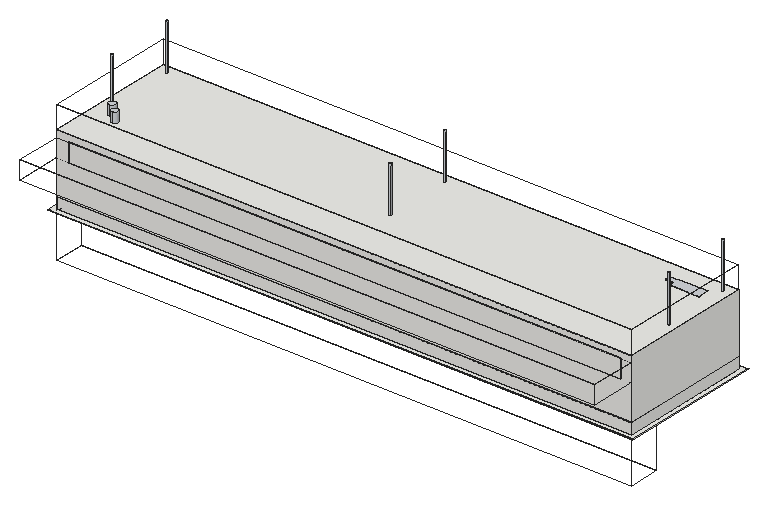
Revit family "AIRTECNICS_AIR CURTAIN_RECESSED DAM_DX-VRF_(LG)", category Equipos mecánicos, Revit 2016
Family settings
  Tipo de pieza = Normal
  Cota de conector redondo = Diámetro de uso
  Número OmniClass = 23.75.70.21.17
  Título OmniClass = Air Curtains
  Se basa en plano de trabajo = No
  Siempre vertical = Sí
  Corte con vacíos al cargar = No
  Compartido = No
  Punto de cálculo de habitación = No
Parameters (values of type "RDAM ECM 2500 VRF24-LG")
  · PIPES POSITION · [instance] = "-/ Select Pipes Position /-"  # constant formula
  · OTHERS · [instance] = "-/ Select Supports - Inst.Maint. Space /-"  # constant formula
  · HEATING · = "-/ Heating /-"  # constant formula
  · EXTERNAL UNIT · [instance] = "-/ External Unit Type /-"  # constant formula
  · COIL ROWS · = "-/ DX Coil Rows /-"  # constant formula
  Weight [instance] = size_lookup(Name_Lookup_Data, "Weight", 1.00 kg, CM, CT, CH, CR)  # 106.00 kg
  Voltage [instance] = 230 V  # constant formula
  URL_Manufacturer = "https://www.airtecnics.com"
  URL_Datasheet = "https://www.airtecnics.com/download/file/5872/recessed-dam-dx-lg-1-1-and-vrf.pdf"
  Triple Phase (External Ut.) [instance] = yes
  Supports Length [instance] = 200.0 mm
  Supports (Horizontal) [instance] = yes
  Single Phase (External Ut.) [instance] = not([Triple Phase (External Ut.)])  # no
  Revit Version = "Revit 2016 - English"  # constant formula
  Review Date = "11/18"  # constant formula
  Remote Control = "-"  # constant formula
  Refrigerant Pipes_P4 [instance] = no
  Refrigerant Pipes_P3 [instance] = no
  Refrigerant Pipes_P2 [instance] = if(CW = 0, 1 = 1, 1 = 0)  # yes
  Refrigerant Pipes_P1 [instance] = no
  Product Size = if(CT = 2, "1000", if(CT = 4, "1500", if(CT = 8, "2000", if(CT = 16, "2500", "Consult Manufacturer"))))  # "2500"
  Product Reference [instance] = size_lookup(Name_Lookup_Ref, "", "Consult Manufacturer", CM, CT, CH, CR)  # "RDAM ECM 2500 VRF24-LG"
  Product Heating [instance] = if(DX 1:1, "Direct Expansion 1:1 system", "Direct Expansion VRF system")  # "Direct Expansion VRF system"
  Product Description [instance] = size_lookup(Name_Lookup_Data, "", "Consult Manufacturer", CM, CT, CH, CR)  # "Compact and low profile recessed air curtain with full grille view and energy savings heat pump: Up to 70% reduction in costs and CO2 emissions (heating mode).\r\nSelf-supporting casing construction made of galvanized steel plate, ready to be installed recessed in a false ceiling. \r\nInlet grille (free of maintenance) made with aluminium profiles and blow-out nozzle, integrated in a single white frame colour RAL 9016. Other colours are available on request. \r\nDouble-inlet centrifugal fans driven by an external rotor motor and low noise level. 5-speed selector. EC models assembled with very low consumption efficiency fans. \r\nIncludes only heating direct expansion coil with installed temperature sensors. Under request it can be modified to work in cooling and heating mode (not recomended) with optional condensate water pump.\r\nPlug&Play control panel CS-5DX-NE slave DX with 5 speeds selector and 7m telephone cable included.\r\nReady to connect to LG VRF outdoor heat pump unit (R410A) and PRLK048A0 expansion valve not included, the customer should purchase it.\r\nRequires PAHCMRA000 LG VRF Interface KIT adapted for air curtain and PREMTB001 programmable control, please consult.\r\nAir Volume: 4100 m3/h \r\nFans:  0,355 kW  3,1 A 230Vx1 50/60Hz\r\nHeating capacity: 24,38 kW\r\nDimensions: 627x310x2548 mm (depth, height, length)\r\nNOT SUPPLIED BY AIRTÈCNICS:\r\nPAHCMRA000 Interface VRF kit and PREMTB001 programmable control.\r\nExpansion valve PRLK048A0.\r\nExternal unit VRF."
  Power Fans Factor [instance] = size_lookup(Name_Lookup_Data, "Power Fans Factor", 1, CM, CT, CH, CR)  # 0.5
  Power Fans [instance] = size_lookup(Name_Lookup_Data, "Power Fans", 1 kW, CM, CT, CH, CR)  # 0.355 kW
  Noise Level (dB(A)) [instance] = size_lookup(Name_Lookup_Data, "Noise Level (dB(A))", 1, CM, CT, CH, CR)  # 59
  Name_Lookup_Ref_EU = "R_DAM_(DX)_LG_Ref_EU_Lookup"  # constant formula
  Name_Lookup_Ref = "R_DAM_(DX)_LG_Ref_Lookup"  # constant formula
  Name_Lookup_Data3 = "R_DAM_(DX)_LG_ExpValve_Lookup"  # constant formula
  Name_Lookup_Data2 = "R_DAM_(DX)_LG_Mainfolds_Lookup"  # constant formula
  Name_Lookup_Data = "R_DAM_(DX)_LG_Data_Lookup"  # constant formula
  Material Curtain [instance] = AIRTECNICS_White RAL 9016
  Mainfolds [instance] = size_lookup(Name_Lookup_Data2, "", "Consult Manufacturer", CM, CT, CH, CR)  # "7/8 & 1/2"
  M = yes
  Length = L + 48.0 mm + Depth - Depth  # 2548.0 mm
  IfcExportType = "DXCOOLINGCOIL"  # constant formula
  IfcExportAs = "IfcCoilType"  # constant formula
  Height = 310.0 mm  # constant formula
  Heating Capacity [instance] = size_lookup(Name_Lookup_Data, "Heating Capacity", 1 kW, CM, CT, CH, CR)  # 24.38 kW
  Gas Coil Volume [instance] = size_lookup(Name_Lookup_Data, "Gas Coil Volume", 1.00 L, CM, CT, CH, CR)  # 5.30 L
  G = not(M)  # no
  Frequency = 50 Hz  # constant formula
  Fans Stage = 5  # constant formula
  Family Version = "1.0"  # constant formula
  External Ut. Reference [instance] = size_lookup(Name_Lookup_Ref_EU, "", "Consult Manufacturer", CM, CT, CH, CR, CEU)  # "Not available"
  Expansion Valve [instance] = size_lookup(Name_Lookup_Data3, "", "Consult Manufacturer", CM, CT, CH, CR)  # "PRLK048A0"
  EC = 1 = 1  # yes
  Dn_Metric_Refrig_Liquid [instance] = size_lookup(Name_Lookup_Data2, "Dn_Liquid", 1 mm, CM, CT, CH, CR)  # 15 mm
  Dn_Metric_Refrig_Gas [instance] = size_lookup(Name_Lookup_Data2, "Dn_Gas", 1 mm, CM, CT, CH, CR)  # 20 mm
  Depth = 627.0 mm  # constant formula
  DX VRF = not(DX 1:1)  # yes
  DX Kit [instance] = "PAHCMR000"  # constant formula
  DX Controller [instance] = "PREMTB001"  # constant formula
  DX Coil Rows = 4 = yes
  DX Coil Rows = 3 = not([DX Coil Rows = 4])  # no
  DX Coil Rows [instance] = if(CR = 2, 4, if(CR = 4, 3, if(CR = 0, 2, 0)))  # 4
  DX 1:1 = no
  Current Fans [instance] = size_lookup(Name_Lookup_Data, "Current Fans", 1 A, CM, CT, CH, CR)  # 3.1 A
  Created by = "BIMETRICAL"  # constant formula
  Control [instance] = "CS-5DX-NE"  # constant formula
  Capacity_Frig_Liquid [instance] = 0 m³/h
  Capacity_Frig_Gas [instance] = 0 m³/h
  Cable = "CB7"  # constant formula
  URL = "https://www.airtecnics.com/products/heat-pump-air-curtain-recessed-dam-dx-for-lg"
  Modelo = "Air Curtain Recessed DAM DX/VRF LG"  # constant formula
  L = 2500.0 mm
  Imagen de tipo = <Ninguno>
  Fabricante = "AIRTECNICS"  # constant formula
  Description = ""
  Comentarios de tipo = "Compact and low profile recessed air curtain with full grille view and energy savings heat pump: Up to 70% reduction in costs and CO2 emissions (heating mode).\r\nSelf-supporting casing construction made of galvanized steel plate, ready to be installed recessed in a false ceiling. \r\nInlet grille (free of maintenance) made with aluminium profiles and blow-out nozzle, integrated in a single white frame colour RAL 9016. Other colours are available on request. \r\nDouble-inlet centrifugal fans driven by an external rotor motor and low noise level. 5-speed selector. EC models assembled with very low consumption efficiency fans. \r\nIncludes only heating direct expansion coil with installed temperature sensors. Under request it can be modified to work in cooling and heating mode (not recomended) with optional condensate water pump.\r\nPlug&Play control panel CS-5DX-NE slave DX with 5 speeds selector and 7m telephone cable included.\r\nDX 1:1:\r\nReady to connect to LG Inverter outdoor heat pump unit (R410A) with expansion valve, not included, the customer should purchase it.\r\nRequires  LG DX Interface KIT adapted for air curtain and  programmable control, please consult.\r\nDX VRF:\r\nReady to connect to LG VRF outdoor heat pump unit (R410A) and  expansion valve not included, the customer should purchase it.\r\nRequires  LG VRF Interface KIT adapted for air curtain and  programmable control, please consult."  # constant formula
  CW [instance] = if(Refrigerant Pipes_P1, 2, 0) + if(Refrigerant Pipes_P3, 4, 0) + if(Refrigerant Pipes_P4, 8, 0)  # 0
  CT = if(L = 1000.0 mm, 2, 0) + if(L = 1500.0 mm, 4, 0) + if(L = 2000.0 mm, 8, 0) + if(L = 2500.0 mm, 16, 0)  # 16
  CR [instance] = if([DX Coil Rows = 4], 2, 0) + if([DX Coil Rows = 3], 4, 0)  # 2
  CM = if(M, 2, 0) + if(EC, 4, 0) + if(G, 8, 0)  # 6
  CH [instance] = if(DX 1:1, 2, 0) + if(DX VRF, 4, 0)  # 4
  CEU [instance] = if([Single Phase (External Ut.)], 2, 0) + if([Triple Phase (External Ut.)], 4, 0)  # 4
  BIMETRICAL Category = "Coil"  # constant formula
  BIMETRICAL = "http://www.bimetrical.com/"  # constant formula
  Aspiration/Maintenance Space [instance] = yes
  Apparent Load [instance] = size_lookup(Name_Lookup_Data, "Apparent Load", 1 VA, CM, CT, CH, CR)  # 710 VA
  Airflow [instance] = size_lookup(Name_Lookup_Data, "Airflow", 1 m³/h, CM, CT, CH, CR)  # 4100 m³/h
Reference planes
  plane 1 "Centro (Frontal/Posterior)": z = 0
  plane 2: y = 246.57
  plane 3 "Centro (Izquierda/Derecha)": x = 0
Nested families
  nested 1: "GEOM_RECESSED DAM_(DX)" at (0, 246.57, -2) x (-1, 0, 0) z (0, 0, 1), P1 <- "Refrigerant Pipes_P1", P3 <- "Refrigerant Pipes_P3", P4 <- "Refrigerant Pipes_P4", type "BASE"
    with VAMP4 no, VAMP1 no, P4 no, P3 no, P2 yes, P1 no, C_P 2, C_L 8, CH_4 398.5 mm, CH_3 218.8 mm, CH_2 99.5 mm, CH_1 91.2 mm, CC_4 431.5 mm, CC_3 33.0 mm, CC_2 137.5 mm, CC_1 277.2 mm, AH 90.00°, AC 90.00°, N 11, L3 240.8 mm, L2 49.5 mm, L1 2548.0 mm, L 2500.0 mm, C 238.88 mm, A1 2438.0 mm
Connectors
  electrical at (1069.129, 446.424, 309), driven by "Voltage", driven by "Apparent Load", driven by "Power Fans Factor"
    settings: on nested 1, index 1, voltage 230 V, apparent load 710 VA, apparent load phase1 0 VA, apparent load phase2 0 VA, apparent load phase3 0 VA, power factor 0.5, load classification "HVAC", number of poles 1, system type 30, power factor state 1, is connector primary yes, connector utility no, sub classification motor no, connector description ""
  piping at (-1174, 161.57, 348), diameter 20, driven by "Capacity_Frig_Gas", driven by "Dn_Metric_Refrig_Gas"
    settings: on nested 1, index 2, connector inside diameter 609.6 mm, connector length 0.0 mm, flow factor 0, pipe flow 0 m³/h, pressure drop 0.0 Pa, fitting loss kfactor 0, connector angle 0.00°, fixture units 0, engagement length 0.0 mm, angle of deflection 0.00°, flow configuration 1, flow direction 1, fitting loss method 0, system type 7, joint type 0, gender type 0, connector reference index -1, connector utility 0, adjustable connector no, is connector primary yes, connector description "In"
  piping at (-1136, 128.57, 348.2), diameter 15, driven by "Capacity_Frig_Liquid", driven by "Dn_Metric_Refrig_Liquid"
    settings: on nested 1, index 3, connector inside diameter 609.6 mm, connector length 0.0 mm, flow factor 0, pipe flow 0 m³/h, pressure drop 0.0 Pa, fitting loss kfactor 0, connector angle 0.00°, fixture units 0, engagement length 0.0 mm, angle of deflection 0.00°, flow configuration 1, flow direction 2, fitting loss method 0, system type 8, joint type 0, gender type 0, connector reference index -1, connector utility 0, adjustable connector no, is connector primary no, connector description "Out"
Definition of nested family "GEOM_RECESSED DAM_(DX)"
  Parameters (values of type "BASE")
    VSUP2 = if(and(Supports Length > 0.0 mm, L > 1000.0 mm, [Supports (Horizontal)]), 1 = 1, 1 = 0)  # yes
    VSUP1 = if(and(Supports Length > 0.0 mm, [Supports (Horizontal)]), 1 = 1, 1 = 0)  # yes
    VAMP4 [instance] = if(and(P, P4, [Aspiration/Maintenance Space]), 1 = 1, 1 = 0)  # no
    VAMP1 [instance] = if(and(P, P1, [Aspiration/Maintenance Space]), 1 = 1, 1 = 0)  # no
    Supports Length = 200.0 mm
    Supports (Horizontal) = yes
    Revit Version = "Revit 2016 - English"  # constant formula
    Review Date = "11/2018"  # constant formula
    P4 [instance] = no
    P3 [instance] = yes
    P2 [instance] = not(or(P1, P3, P4))  # no
    P1 [instance] = no
    P = 1 = 1  # yes
    Name_CH = "CH_Dimensions_LookupDX"  # constant formula
    Name_CC = "CC_Dimensions_LookupDX"  # constant formula
    N = if(L = 1000.0 mm, 5, if(L = 1500.0 mm, 7, if(L = 2000.0 mm, 9, 11)))  # 7
    Model = "RECESSED DAM (DX)"  # constant formula
    Material Curtain = none
    Manufacturer = "AIRTECNICS"  # constant formula
    L_sup = if(Supports Length = 0.0 mm, 1.0 mm, Supports Length)  # 200.0 mm
    L3 = if(L = 1000.0 mm, 227.0 mm, if(L = 1500.0 mm, 234.8 mm, if(L = 2000.0 mm, 238.5 mm, 240.8 mm)))  # 234.8 mm
    L2 = if(L = 1000.0 mm, 51.75 mm, if(L = 1500.0 mm, 46.75 mm, if(L = 2000.0 mm, 40.0 mm, 49.5 mm)))  # 46.75 mm
    L1 = L + 48.0 mm  # 1548.0 mm
    L = 1500.0 mm
    Family Version = "1.0"  # constant formula
    Created by = "BIMETRICAL"  # constant formula
    C_P [instance] = if(P1, 1, 0) + if(P2, 2, 0) + if(P3, 4, 0) + if(P4, 8, 0)  # 4
    C_L [instance] = if(L = 1500.0 mm, 2, 0) + if(L = 2000.0 mm, 4, 0) + if(L = 2500.0 mm, 8, 0)  # 2
    CH_4 [instance] = size_lookup(Name_CH, "CH_4", 398.5 mm, C_L, C_P)  # 398.5 mm
    CH_3 [instance] = size_lookup(Name_CH, "CH_3", 218.8 mm, C_L, C_P)  # 33.0 mm
    CH_2 [instance] = size_lookup(Name_CH, "CH_2", 100.5 mm, C_L, C_P)  # 1409.5 mm
    CH_1 [instance] = size_lookup(Name_CH, "CH_1", 91.2 mm, C_L, C_P)  # 277.2 mm
    CC_4 [instance] = size_lookup(Name_CC, "CC_4", 431.5 mm, C_L, C_P)  # 431.5 mm
    CC_3 [instance] = size_lookup(Name_CC, "CC_3", 33.0 mm, C_L, C_P)  # 218.8 mm
    CC_2 [instance] = size_lookup(Name_CC, "CC_2", 138.5 mm, C_L, C_P)  # 1447.5 mm
    CC_1 [instance] = size_lookup(Name_CC, "CC_1", 277.2 mm, C_L, C_P)  # 91.2 mm
    C = if(L = 1000.0 mm, 227.75 mm, if(L = 1500.0 mm, 235.1 mm, 238.88 mm))  # 235.1 mm
    BIMETRICAL = "http://www.bimetrical.com/"  # constant formula
    B1 = 1.5 mm
    B = 1.0 mm
    Aspiration/Maintenance Space = yes
    AH [instance] = size_lookup(Name_CH, "AH", 90.00°, C_L, C_P)  # 90.00°
    AC [instance] = size_lookup(Name_CC, "AC", 90.00°, C_L, C_P)  # 90.00°
    A1 = L - 62.0 mm  # 1438.0 mm
    A = 197.8 mm
  Reference planes
    plane 1 "Centro (Frontal/Posterior)": y = 0
    plane 2: z = 0
    plane 3 "Centro (Izquierda/Derecha)": x = 0
    plane 4: y = 313.5
    plane 5: y = -313.5
    plane 6: y = 290
    plane 7: y = -290
    plane 8: z = 310
    plane 9: z = 50
    plane 10: z = 2
    plane 11: x = -773.5
    plane 12: x = -750
    plane 13: x = 773.5
    plane 14: x = 750
    plane 15: y = -256
    plane 16: y = 41
    plane 17: x = -710
    plane 18: x = 710
    plane 19: y = 41
    plane 20: y = -256
    plane 21: y = 170
    plane 22: z = 25
    plane 23: z = 17
    plane 24: x = -707.5
    plane 25: x = -703.5
    plane 26: x = -705.5
    plane 27: x = -472.7
    plane 28: x = -468.7
    plane 29: x = -470.7
    plane 30: x = -237.9
    plane 31: x = -233.9
    plane 32: x = -235.9
    plane 33: x = -3.1
    plane 34: x = 0.9
    plane 35: x = -1.1
    plane 36: x = 231.7
    plane 37: x = 235.7
    plane 38: x = 233.7
    plane 39: x = 773.5
    plane 40: x = -674
    plane 41: x = -636
    plane 42: y = 85
    plane 43: y = 118
    plane 44: z = 91.2
    plane 45: z = 277.2
    plane 46: x = 466.5
    plane 47: x = 470.5
    plane 48: x = 468.5
    plane 49: x = 701.3
    plane 50: x = 705.3
    plane 51: x = 703.3
  Forms (mm)
    Sweep 1, solid, material <- "Material Curtain"
      path origin (0, 0, 0) x (1, 0, 0) y (0, 1, 0)
        loop
          line (-773.5, 313.5) -> (-773.5, -313.5) -> (773.5, -313.5) -> (773.5, 313.5) -> (-773.5, 313.5)
      profile origin (-773.5, 0, 0) x (-1, 0, 0) y (0, 0, 1)
        loop
          line (0, 0) -> (0, 2) -> (-22, 2) -> (-22, 50) -> (-23.5, 50) -> (-23.5, 0) -> (0, 0)
    Extrusion 2, solid, material <- "Material Curtain"
      sketch origin (0, 0, 0) x (1, 0, 0) y (0, 1, 0)
        loop
          line (-750, 290) -> (-750, -290) -> (750, -290) -> (750, 290) -> (-750, 290)
      from 50 to 310
    Extrusion 3, solid, visible <- "VSUP1"
      sketch origin (-1376.546, -1524, 310) x (-1, 0, 0) y (0, -1, 0)
        loop
          circle (-666.546, -1565) r 4
        loop
          circle (-666.546, -1268) r 4
        loop
          circle (-2086.546, -1268) r 4
        loop
          circle (-2086.546, -1565) r 4
      from -1 to 200
    Extrusion 4, solid, visible <- "VSUP2"
      sketch origin (-1376.546, -1524, 310) x (-1, 0, 0) y (0, -1, 0)
        loop
          circle (-1376.546, -1565) r 4
        loop
          circle (-1376.546, -1268) r 4
      from 0 to 200
    Extrusion 5, void
      sketch origin (-1802.24, 290, 1200) x (-1, 0, 0) y (0, 0, 1)
        loop
          line (-2505.49, -918.496) -> (-2505.49, -998.496) -> (-1802.24, -998.496) -> (-1098.99, -998.496) -> (-1098.99, -918.496) -> (-1802.24, -918.496) -> (-2505.49, -918.496)
      from 0 to -5
    Extrusion 6, solid
      sketch origin (-1802.24, 290, 1200) x (-1, 0, 0) y (0, 0, 1)
        loop
          line (-2505.49, -918.496) -> (-2505.49, -998.496) -> (-1802.24, -998.496) -> (-1098.99, -998.496) -> (-1098.99, -918.496) -> (-1802.24, -918.496) -> (-2505.49, -918.496)
      from 0 to -1
    Extrusion 7, solid, material <- "Material Curtain"
      sketch origin (500, 0, 0) x (1, 0, 0) y (0, 1, 0)
        loop
          line (-1203.5, 286.998) -> (-1207.5, 286.998) -> (-1207.5, -287.002) -> (-1203.5, -287.002) -> (-1203.5, 286.998)
      from 17 to 25
    Extrusion 8, solid, material <- "Material Curtain"
      sketch origin (734.8, 0, 0) x (1, 0, 0) y (0, 1, 0)
        loop
          line (-1203.5, 286.998) -> (-1207.5, 286.998) -> (-1207.5, -287.002) -> (-1203.5, -287.002) -> (-1203.5, 286.998)
      from 17 to 25
    Extrusion 9, solid, material <- "Material Curtain"
      sketch origin (969.6, 0, 0) x (1, 0, 0) y (0, 1, 0)
        loop
          line (-1203.5, 286.998) -> (-1207.5, 286.998) -> (-1207.5, -287.002) -> (-1203.5, -287.002) -> (-1203.5, 286.998)
      from 17 to 25
    Extrusion 10, solid, material <- "Material Curtain"
      sketch origin (1204.4, 0, 0) x (1, 0, 0) y (0, 1, 0)
        loop
          line (-1203.5, 286.998) -> (-1207.5, 286.998) -> (-1207.5, -287.002) -> (-1203.5, -287.002) -> (-1203.5, 286.998)
      from 17 to 25
    Extrusion 11, solid, material <- "Material Curtain"
      sketch origin (1439.2, 0, 0) x (1, 0, 0) y (0, 1, 0)
        loop
          line (-1203.5, 286.998) -> (-1207.5, 286.998) -> (-1207.5, -287.002) -> (-1203.5, -287.002) -> (-1203.5, 286.998)
      from 17 to 25
    Extrusion 12, solid, visible <- "P"
      sketch origin (-637.077, 82.636, 310.2) x (0, -1, 0) y (1, 0, 0)
        loop
          circle (-2.364, 1.077) r 15.5
      from 0 to 40
    Extrusion 13, solid, visible <- "P"
      sketch origin (-673.438, 119.477, 310) x (0, -1, 0) y (1, 0, 0)
        loop
          circle (1.477, -0.562) r 13.5
      from 0 to 40
    Extrusion 14, solid
      sketch origin (-1376.546, -1524, 310) x (-1, 0, 0) y (0, -1, 0)
        loop
          line (-830.042, -1353.296) -> (-702.542, -1353.296) -> (-702.542, -1303.996) -> (-830.042, -1303.996) -> (-830.042, -1307.996) -> (-867.042, -1307.996) -> (-867.042, -1331.296) -> (-830.042, -1331.296) -> (-830.042, -1353.296)
      from 0 to 1
    Extrusion 15, solid, visible <- "VAMP1"
      sketch origin (750, 311.264, 1200) x (0, 1, 0) y (0, 0, -1)
        loop
          line (-601.264, 890) -> (-21.264, 890) -> (-21.264, 1150) -> (-601.264, 1150) -> (-601.264, 890)
      from 0 to -100
    Extrusion 16, solid, visible <- "VAMP4"
      sketch origin (-750, 311.264, 1200) x (0, 1, 0) y (0, 0, 1)
        loop
          line (-601.264, -890) -> (-601.264, -1150) -> (-21.264, -1150) -> (-21.264, -890) -> (-601.264, -890)
      from 0 to -100
    Extrusion 17, solid, visible <- "Aspiration/Maintenance Space"
      sketch origin (-1802.24, 290, 1200) x (-1, 0, 0) y (0, 0, 1)
        loop
          line (-2552.24, -918.496) -> (-2552.24, -998.496) -> (-1052.24, -998.496) -> (-1052.24, -918.496) -> (-2552.24, -918.496)
      from 0 to 200
    Extrusion 18, solid, visible <- "Aspiration/Maintenance Space"
      sketch origin (-750, 311.264, 1200) x (0, 1, 0) y (0, 0, 1)
        loop
          line (-601.264, -890) -> (-21.264, -890) -> (-21.264, -790) -> (-601.264, -790) -> (-601.264, -890)
      from 0 to 1500
    Extrusion 19, solid, visible <- "Aspiration/Maintenance Space"
      sketch origin (750, 311.264, 1200) x (0, 1, 0) y (0, 0, -1)
        loop
          line (-21.264, 1200) -> (-21.264, 1400) -> (-157.264, 1400) -> (-157.264, 1200) -> (-21.264, 1200)
      from 0 to 1500
    Extrusion 20, solid, material <- "Material Curtain"
      sketch origin (1674, 0, 0) x (1, 0, 0) y (0, 1, 0)
        loop
          line (-1203.5, 286.998) -> (-1207.5, 286.998) -> (-1207.5, -287.002) -> (-1203.5, -287.002) -> (-1203.5, 286.998)
      from 17 to 25
    Extrusion 21, solid, material <- "Material Curtain"
      sketch origin (1908.8, 0, 0) x (1, 0, 0) y (0, 1, 0)
        loop
          line (-1203.5, 286.998) -> (-1207.5, 286.998) -> (-1207.5, -287.002) -> (-1203.5, -287.002) -> (-1203.5, 286.998)
      from 17 to 25
    Extrusion 22, solid, material <- "Material Curtain"
      sketch origin (850, 311.264, 1200) x (0, -1, 0) y (0, 0, -1)
        loop
          arc (82.767, 1195.605) -> (78.829, 1197.715) -> (74.424, 1198.456) r 13.8
          arc (74.424, 1198.456) -> (73.675, 1197.864) -> (74.325, 1197.164) r 0.65
          arc (74.325, 1197.164) -> (78.603, 1196.427) -> (82.371, 1194.27) r 12.5
          line (82.371, 1194.27) -> (97.373, 1182.759) -> (97.373, 1173.4) -> (98.673, 1173.4) -> (98.673, 1183.4) -> (82.767, 1195.605)
        loop
          arc (59.967, 1195.605) -> (56.029, 1197.715) -> (51.624, 1198.456) r 13.8
          arc (51.624, 1198.456) -> (50.875, 1197.864) -> (51.525, 1197.164) r 0.65
          arc (51.525, 1197.164) -> (55.803, 1196.427) -> (59.571, 1194.27) r 12.5
          line (59.571, 1194.27) -> (74.573, 1182.759) -> (74.573, 1173.4) -> (75.873, 1173.4) -> (75.873, 1183.4) -> (59.967, 1195.605)
        loop
          arc (151.167, 1195.605) -> (147.229, 1197.715) -> (142.824, 1198.456) r 13.8
          arc (142.824, 1198.456) -> (142.075, 1197.864) -> (142.725, 1197.164) r 0.65
          arc (142.725, 1197.164) -> (147.003, 1196.427) -> (150.771, 1194.27) r 12.5
          line (150.771, 1194.27) -> (165.773, 1182.759) -> (165.773, 1173.4) -> (167.073, 1173.4) -> (167.073, 1183.4) -> (151.167, 1195.605)
        loop
          arc (128.367, 1195.605) -> (124.429, 1197.715) -> (120.024, 1198.456) r 13.8
          arc (120.024, 1198.456) -> (119.275, 1197.864) -> (119.925, 1197.164) r 0.65
          arc (119.925, 1197.164) -> (124.203, 1196.427) -> (127.971, 1194.27) r 12.5
          line (127.971, 1194.27) -> (142.973, 1182.759) -> (142.973, 1173.4) -> (144.273, 1173.4) -> (144.273, 1183.4) -> (128.367, 1195.605)
        loop
          arc (105.567, 1195.605) -> (101.629, 1197.715) -> (97.224, 1198.456) r 13.8
          arc (97.224, 1198.456) -> (96.475, 1197.864) -> (97.125, 1197.164) r 0.65
          arc (97.125, 1197.164) -> (101.403, 1196.427) -> (105.171, 1194.27) r 12.5
          line (105.171, 1194.27) -> (120.173, 1182.759) -> (120.173, 1173.4) -> (121.473, 1173.4) -> (121.473, 1183.4) -> (105.567, 1195.605)
        loop
          arc (219.567, 1195.605) -> (215.629, 1197.715) -> (211.224, 1198.456) r 13.8
          arc (211.224, 1198.456) -> (210.475, 1197.864) -> (211.125, 1197.164) r 0.65
          arc (211.125, 1197.164) -> (215.403, 1196.427) -> (219.171, 1194.27) r 12.5
          line (219.171, 1194.27) -> (234.173, 1182.759) -> (234.173, 1173.4) -> (235.473, 1173.4) -> (235.473, 1183.4) -> (219.567, 1195.605)
        loop
          arc (196.767, 1195.605) -> (192.829, 1197.715) -> (188.424, 1198.456) r 13.8
          arc (188.424, 1198.456) -> (187.675, 1197.864) -> (188.325, 1197.164) r 0.65
          arc (188.325, 1197.164) -> (192.603, 1196.427) -> (196.371, 1194.27) r 12.5
          line (196.371, 1194.27) -> (211.373, 1182.759) -> (211.373, 1173.4) -> (212.673, 1173.4) -> (212.673, 1183.4) -> (196.767, 1195.605)
        loop
          arc (173.967, 1195.605) -> (170.029, 1197.715) -> (165.624, 1198.456) r 13.8
          arc (165.624, 1198.456) -> (164.875, 1197.864) -> (165.525, 1197.164) r 0.65
          arc (165.525, 1197.164) -> (169.803, 1196.427) -> (173.571, 1194.27) r 12.5
          line (173.571, 1194.27) -> (188.573, 1182.759) -> (188.573, 1173.4) -> (189.873, 1173.4) -> (189.873, 1183.4) -> (173.967, 1195.605)
        loop
          arc (287.967, 1195.605) -> (284.029, 1197.715) -> (279.624, 1198.456) r 13.8
          arc (279.624, 1198.456) -> (278.875, 1197.864) -> (279.525, 1197.164) r 0.65
          arc (279.525, 1197.164) -> (283.803, 1196.427) -> (287.571, 1194.27) r 12.5
          line (287.571, 1194.27) -> (302.573, 1182.759) -> (302.573, 1173.4) -> (303.873, 1173.4) -> (303.873, 1183.4) -> (287.967, 1195.605)
        loop
          arc (265.167, 1195.605) -> (261.229, 1197.715) -> (256.824, 1198.456) r 13.8
          arc (256.824, 1198.456) -> (256.075, 1197.864) -> (256.725, 1197.164) r 0.65
          arc (256.725, 1197.164) -> (261.003, 1196.427) -> (264.771, 1194.27) r 12.5
          line (264.771, 1194.27) -> (279.773, 1182.759) -> (279.773, 1173.4) -> (281.073, 1173.4) -> (281.073, 1183.4) -> (265.167, 1195.605)
        loop
          arc (242.367, 1195.605) -> (238.429, 1197.715) -> (234.024, 1198.456) r 13.8
          arc (234.024, 1198.456) -> (233.275, 1197.864) -> (233.925, 1197.164) r 0.65
          arc (233.925, 1197.164) -> (238.203, 1196.427) -> (241.971, 1194.27) r 12.5
          line (241.971, 1194.27) -> (256.973, 1182.759) -> (256.973, 1173.4) -> (258.273, 1173.4) -> (258.273, 1183.4) -> (242.367, 1195.605)
        loop
          arc (356.367, 1195.605) -> (352.429, 1197.715) -> (348.024, 1198.456) r 13.8
          arc (348.024, 1198.456) -> (347.275, 1197.864) -> (347.925, 1197.164) r 0.65
          arc (347.925, 1197.164) -> (352.203, 1196.427) -> (355.971, 1194.27) r 12.5
          line (355.971, 1194.27) -> (370.973, 1182.759) -> (370.973, 1173.4) -> (372.273, 1173.4) -> (372.273, 1183.4) -> (356.367, 1195.605)
        loop
          arc (333.567, 1195.605) -> (329.629, 1197.715) -> (325.224, 1198.456) r 13.8
          arc (325.224, 1198.456) -> (324.475, 1197.864) -> (325.125, 1197.164) r 0.65
          arc (325.125, 1197.164) -> (329.403, 1196.427) -> (333.171, 1194.27) r 12.5
          line (333.171, 1194.27) -> (348.173, 1182.759) -> (348.173, 1173.4) -> (349.473, 1173.4) -> (349.473, 1183.4) -> (333.567, 1195.605)
        loop
          arc (310.767, 1195.605) -> (306.829, 1197.715) -> (302.424, 1198.456) r 13.8
          arc (302.424, 1198.456) -> (301.675, 1197.864) -> (302.325, 1197.164) r 0.65
          arc (302.325, 1197.164) -> (306.603, 1196.427) -> (310.371, 1194.27) r 12.5
          line (310.371, 1194.27) -> (325.373, 1182.759) -> (325.373, 1173.4) -> (326.673, 1173.4) -> (326.673, 1183.4) -> (310.767, 1195.605)
        loop
          arc (424.767, 1195.605) -> (420.829, 1197.715) -> (416.424, 1198.456) r 13.8
          arc (416.424, 1198.456) -> (415.675, 1197.864) -> (416.325, 1197.164) r 0.65
          arc (416.325, 1197.164) -> (420.603, 1196.427) -> (424.371, 1194.27) r 12.5
          line (424.371, 1194.27) -> (439.373, 1182.759) -> (439.373, 1173.4) -> (440.673, 1173.4) -> (440.673, 1183.4) -> (424.767, 1195.605)
        loop
          arc (401.967, 1195.605) -> (398.029, 1197.715) -> (393.624, 1198.456) r 13.8
          arc (393.624, 1198.456) -> (392.875, 1197.864) -> (393.525, 1197.164) r 0.65
          arc (393.525, 1197.164) -> (397.803, 1196.427) -> (401.571, 1194.27) r 12.5
          line (401.571, 1194.27) -> (416.573, 1182.759) -> (416.573, 1173.4) -> (417.873, 1173.4) -> (417.873, 1183.4) -> (401.967, 1195.605)
        loop
          arc (379.167, 1195.605) -> (375.229, 1197.715) -> (370.824, 1198.456) r 13.8
          arc (370.824, 1198.456) -> (370.075, 1197.864) -> (370.725, 1197.164) r 0.65
          arc (370.725, 1197.164) -> (375.003, 1196.427) -> (378.771, 1194.27) r 12.5
          line (378.771, 1194.27) -> (393.773, 1182.759) -> (393.773, 1173.4) -> (395.073, 1173.4) -> (395.073, 1183.4) -> (379.167, 1195.605)
        loop
          arc (447.567, 1195.605) -> (443.629, 1197.715) -> (439.224, 1198.456) r 13.8
          arc (439.224, 1198.456) -> (438.475, 1197.864) -> (439.125, 1197.164) r 0.65
          arc (439.125, 1197.164) -> (443.403, 1196.427) -> (447.171, 1194.27) r 12.5
          line (447.171, 1194.27) -> (462.173, 1182.759) -> (462.173, 1173.4) -> (463.473, 1173.4) -> (463.473, 1183.4) -> (447.567, 1195.605)
        loop
          arc (493.167, 1195.605) -> (489.229, 1197.715) -> (484.824, 1198.456) r 13.8
          arc (484.824, 1198.456) -> (484.075, 1197.864) -> (484.725, 1197.164) r 0.65
          arc (484.725, 1197.164) -> (489.003, 1196.427) -> (492.771, 1194.27) r 12.5
          line (492.771, 1194.27) -> (507.773, 1182.759) -> (507.773, 1173.4) -> (509.073, 1173.4) -> (509.073, 1153) -> (512.073, 1153) -> (512.073, 1198.4) -> (509.073, 1198.4) -> (509.073, 1183.4) -> (493.167, 1195.605)
        loop
          arc (470.367, 1195.605) -> (466.429, 1197.715) -> (462.024, 1198.456) r 13.8
          arc (462.024, 1198.456) -> (461.275, 1197.864) -> (461.925, 1197.164) r 0.65
          arc (461.925, 1197.164) -> (466.203, 1196.427) -> (469.971, 1194.27) r 12.5
          line (469.971, 1194.27) -> (484.973, 1182.759) -> (484.973, 1173.4) -> (486.273, 1173.4) -> (486.273, 1183.4) -> (470.367, 1195.605)
        loop
          arc (37.167, 1195.605) -> (33.229, 1197.715) -> (28.824, 1198.456) r 13.8
          arc (28.824, 1198.456) -> (28.075, 1197.864) -> (28.725, 1197.164) r 0.65
          arc (28.725, 1197.164) -> (33.003, 1196.427) -> (36.771, 1194.27) r 12.5
          line (36.771, 1194.27) -> (51.773, 1182.759) -> (51.773, 1173.4) -> (53.073, 1173.4) -> (53.073, 1183.4) -> (37.167, 1195.605)
        loop
          line (523.813, 1198.4) -> (523.813, 1173.4) -> (526.813, 1173.4) -> (526.813, 1198.4) -> (523.813, 1198.4)
        loop
          line (538.553, 1198.4) -> (538.553, 1173.4) -> (541.553, 1173.4) -> (541.553, 1198.4) -> (538.553, 1198.4)
        loop
          line (553.293, 1198.4) -> (553.293, 1173.4) -> (556.293, 1173.4) -> (556.293, 1198.4) -> (553.293, 1198.4)
        loop
          line (568.033, 1198.4) -> (568.033, 1182.616) -> (568.033, 1175.384) -> (568.033, 1173.4) -> (571.033, 1173.4) -> (571.033, 1174.75) -> (571.033, 1183.25) -> (571.033, 1198.4) -> (568.033, 1198.4)
        loop
          line (582.768, 1198.4) -> (582.768, 1175) -> (582.768, 1153) -> (585.768, 1153) -> (585.768, 1175) -> (585.768, 1198.4) -> (582.768, 1198.4)
      from -1600 to -100
  Cuts and joins
    Extrusion 5 cuts Extrusion 2
  Lines and regions (mm)
    symbolic lines
      curve 1: line (-773.5, 313.5, 310) -> (773.5, 313.5, 310)
      curve 2: line (-773.5, -313.5, 310) -> (-773.5, 313.5, 310)
      curve 3: line (773.5, -313.5, 310) -> (-773.5, -313.5, 310)
      curve 4: line (773.5, 313.5, 310) -> (773.5, -313.5, 310)
      curve 5: line (750, -290, 310) -> (-750, -290, 310)
      curve 6: line (750, 290, 310) -> (750, -290, 310)
      curve 7: line (-750, 290, 310) -> (750, 290, 310)
      curve 8: line (-750, -290, 310) -> (-750, 290, 310)
    reference lines
      curve 9: line (-674, 118, 91.2) -> (-674, 118, 310)
      curve 10: line (-636, 85, 277.2) -> (-636, 85, 310.2)
    symbolic lines, visible <- "VAMP4"
      curve 11: line (-750, -290, 310) -> (-850, -290, 310)
      curve 12: line (-850, -290, 310) -> (-850, 290, 310)
      curve 13: line (-850, 290, 310) -> (-750, 290, 310)
      curve 23: line (-750, 0, 50) -> (-850, 0, 50)
      curve 24: line (-850, 0, 50) -> (-850, 0, 310)
      curve 25: line (-850, 0, 310) -> (-750, 0, 310)
    symbolic lines, visible <- "VAMP1"
      curve 14: line (750, 290, 310) -> (850, 290, 310)
      curve 15: line (850, 290, 310) -> (850, -290, 310)
      curve 16: line (850, -290, 310) -> (750, -290, 310)
      curve 20: line (750, 0, 310) -> (850, 0, 310)
      curve 21: line (850, 0, 310) -> (850, 0, 50)
      curve 22: line (850, 0, 50) -> (750, 0, 50)
    symbolic lines, visible <- "Aspiration/Maintenance Space"
      curve 17: line (-750, 290, 310) -> (-750, 490, 310)
      curve 18: line (-750, 490, 310) -> (750, 490, 310)
      curve 19: line (750, 490, 310) -> (750, 290, 310)
      curve 26: line (-750, 0, 0) -> (-750, 0, -200)
      curve 27: line (-750, 0, -200) -> (750, 0, -200)
      curve 28: line (750, 0, -200) -> (750, 0, 0)
      curve 29: line (-750, 0, 310) -> (-750, 0, 410)
      curve 30: line (-750, 0, 410) -> (750, 0, 410)
      curve 31: line (750, 0, 410) -> (750, 0, 310)
      curve 32: line (750, 289, 281.504) -> (750, 490, 281.504)
      curve 33: line (750, 490, 281.504) -> (750, 490, 201.504)
      curve 34: line (750, 490, 201.504) -> (750, 290, 201.504)
      curve 35: line (750, 290, 310) -> (750, 290, 410)
      curve 36: line (750, 290, 410) -> (750, -290, 410)
      curve 37: line (750, -290, 410) -> (750, -290, 310)
      curve 38: line (750, 290, 0) -> (750, 290, -200)
      curve 39: line (750, 290, -200) -> (750, 154, -200)
      curve 40: line (750, 154, -200) -> (750, 154, 0)
    symbolic lines, visible <- "VSUP1"
      curve 41: circle (-710, 41, 310) r 4 normal (0, 0, 1)
      curve 42: circle (-710, -256, 310) r 4 normal (0, 0, 1)
      curve 43: circle (710, -256, 310) r 4 normal (0, 0, 1)
      curve 44: circle (710, 41, 310) r 4 normal (0, 0, 1)
    symbolic lines, visible <- "VSUP2"
      curve 45: circle (0, 41, 310) r 4 normal (0, 0, 1)
      curve 46: circle (0, -256, 310) r 4 normal (0, 0, 1)
  Dimensions and locks
    locked: plane 4 to plane 6 at 23.5
    locked: plane 5 to plane 7 at 23.5
    locked: plane 11 to plane 12 at 23.5
    locked: plane 13 to plane 14 at 23.5
    equal spacing: plane 12, plane 3 "Centro (Izquierda/Derecha)", plane 14
    "L": plane 12 to plane 14
    equal spacing: plane 4, plane 1 "Centro (Frontal/Posterior)", plane 5
    locked: plane 5 to plane 4 at 627
    locked: plane 9 to level at 50
    locked: plane 8 to level at 310
    locked: plane 7 to plane 15 at 34
    locked: plane 16 to plane 15 at 297
    locked: plane 12 to plane 17 at 40
    locked: plane 18 to plane 14 at 40
    locked: plane 20 to plane 7 at 34
    locked: plane 19 to plane 20 at 297
    "Supports Length": Extrusion 3 to plane 8
    "Supports Length": Extrusion 4 to plane 8
    plane 8 to plane 9 = 260.0 mm
    plane 4 to plane 5 = 627.0 mm
    locked: plane 6 to plane 21 at 120
    "L2": Extrusion 5 sketch curve to plane 14
    Extrusion 5 sketch curve to plane 8 = 28.496 mm
    plane 4 to plane 1 "Centro (Frontal/Posterior)" to plane 5 = 313.5 mm, 313.5 mm
    locked: Extrusion 5 sketch curve to Extrusion 5 sketch curve at 80
    locked: plane 9 to Extrusion 6 sketch curve at 151.504
    locked: Extrusion 6 sketch curve to plane 8 at 28.496
    Extrusion 6 sketch curve to Extrusion 6 sketch curve = 80.0 mm
    equal spacing: plane 24, plane 26, plane 25
    locked: plane 12 to plane 26 at 44.5
    equal spacing: plane 27, plane 29, plane 28
    equal spacing: group 1, group 2, group 3, group 4, group 5, group 6, group 7  (x3)
    equal spacing: plane 30, plane 32, plane 31
    "L3": plane 26 to plane 29
    equal spacing: plane 33, plane 35, plane 34
    equal spacing: plane 36, plane 38, plane 37
    locked: plane 14 to plane 39 at 23.5
    "CH_2": plane 41 to plane 39
    "CC_2": plane 40 to plane 39
    "CC_4": plane 5 to plane 43
    "CH_4": plane 5 to plane 42
    "CH_1": level to plane 45
    "CC_1": level to plane 44
    "CC_3": curve 9 to curve 9
    "CH_3": curve 10 to curve 10
    Sweep 1 to Extrusion 14 sketch curve to Extrusion 14 sketch curve to Extrusion 14 sketch curve = 99.496 mm locked, 127.5 mm locked, 37.0 mm locked
    locked: Extrusion 18 sketch curve to Extrusion 18 sketch curve at 100
    locked: Extrusion 19 sketch curve to Extrusion 19 sketch curve at 136
    locked: level to Extrusion 19 sketch curve at 200
    equal spacing: Extrusion 5 sketch curve, plane 3 "Centro (Izquierda/Derecha)", Extrusion 5 sketch curve
    equal spacing: Extrusion 6 sketch curve, plane 3 "Centro (Izquierda/Derecha)", Extrusion 6 sketch curve
    "L2": Extrusion 6 sketch curve to plane 14
    equal spacing: plane 46, plane 48, plane 47
    equal spacing: plane 49, plane 51, plane 50
    diameter of Extrusion 12 sketch curve = 31.0 mm
    diameter of Extrusion 13 sketch curve = 27.0 mm
    "AC": angle plane 44 to curve 9
    "AH": angle plane 45 to curve 10
    aligned and locked: level to plane 2
    aligned and locked: Sweep 1 sketch curve to plane 4
    aligned and locked: plane 11 to Sweep 1 sketch curve
    aligned and locked: Sweep 1 sketch curve to plane 5
    aligned and locked: Sweep 1 sketch curve to plane 13
    aligned and locked: Extrusion 2 sketch curve to plane 6
    aligned and locked: plane 12 to Extrusion 2 sketch curve
    aligned and locked: Extrusion 2 sketch curve to plane 7
    aligned and locked: plane 14 to Extrusion 2 sketch curve
    aligned and locked: Extrusion 2 to plane 9
    aligned and locked: plane 17 to Extrusion 3 sketch curve  (x2)
    aligned and locked: plane 18 to Extrusion 3 sketch curve  (x2)
    aligned and locked: Extrusion 3 sketch curve to plane 16
    aligned and locked: Extrusion 3 sketch curve to plane 15
    aligned and locked: plane 15 to Extrusion 3 sketch curve
    aligned and locked: plane 16 to Extrusion 3 sketch curve
    aligned and locked: plane 3 "Centro (Izquierda/Derecha)" to Extrusion 4 sketch curve  (x2)
    aligned and locked: plane 20 to Extrusion 4 sketch curve
    aligned and locked: plane 19 to Extrusion 4 sketch curve
    aligned and locked: plane 12 to Sweep 1 sketch curve
    aligned and locked: curve 5 to Sweep 1
    aligned and locked: curve 6 to Sweep 1
    aligned and locked: curve 7 to Sweep 1
    aligned and locked: curve 8 to Sweep 1
    aligned and locked: curve 1 to plane 4
    aligned and locked: Extrusion 7 to plane 22
    aligned and locked: plane 23 to Extrusion 7
    aligned and locked: plane 24 to Extrusion 7
    aligned and locked: plane 25 to Extrusion 7
    aligned and locked: plane 27 to Extrusion 8
    aligned and locked: plane 28 to Extrusion 8
    aligned and locked: plane 30 to Extrusion 9
    aligned and locked: plane 31 to Extrusion 9
    aligned and locked: plane 33 to Extrusion 10
    aligned and locked: plane 34 to Extrusion 10
    aligned and locked: plane 36 to Extrusion 11
    aligned and locked: plane 37 to Extrusion 11
    aligned and locked: plane 44 to curve 9
    aligned and locked: plane 40 to curve 9
    aligned and locked: plane 45 to curve 10
    aligned and locked: plane 41 to curve 10
    aligned and locked: Extrusion 15 sketch curve to cut or joined group of Extrusion 2, Extrusion 5  (x3)
    aligned and locked: Extrusion 15 sketch curve to Sweep 1
    aligned and locked: curve 12 to Extrusion 16
    aligned and locked: curve 15 to Extrusion 15
    aligned and locked: plane 12 to Extrusion 17 sketch curve
    aligned and locked: plane 14 to Extrusion 17 sketch curve
    aligned and locked: Extrusion 17 sketch curve to Extrusion 6  (x2)
    aligned and locked: plane 7 to Extrusion 18 sketch curve
    aligned and locked: plane 6 to Extrusion 18 sketch curve
    aligned and locked: Extrusion 18 to plane 14
    aligned and locked: Extrusion 19 to plane 12
    aligned and locked: curve 19 to Extrusion 17
    aligned and locked: curve 17 to Extrusion 17
    aligned and locked: curve 24 to Extrusion 16
    aligned and locked: curve 21 to Extrusion 15
    aligned and locked: Extrusion 19 to plane 14
    aligned and locked: curve 26 to plane 12
    aligned and locked: Extrusion 17 to curve 33
    aligned and locked: curve 35 to Extrusion 18
    aligned and locked: curve 37 to Extrusion 18
    aligned and locked: curve 41 to Extrusion 3
    aligned and locked: curve 42 to Extrusion 3
    aligned and locked: curve 43 to Extrusion 3
    aligned and locked: curve 44 to Extrusion 3
    aligned and locked: curve 45 to Extrusion 4
    aligned and locked: curve 46 to Extrusion 4
    aligned and locked: plane 46 to Extrusion 20
    aligned and locked: plane 47 to Extrusion 20
    aligned and locked: plane 49 to Extrusion 21
    aligned and locked: plane 50 to Extrusion 21
    aligned and locked: Extrusion 22 to plane 14
    aligned and locked: Extrusion 22 to plane 12
    aligned and locked: curve 34 to Extrusion 17
    aligned and locked: curve 32 to Extrusion 17
  Automatic sketch dimensions
    Extrusion 7 sketch curve to Extrusion 7 sketch curve = 4.0 mm
    Extrusion 7 sketch curve to plane 24 = 0.0 mm
    Extrusion 7 sketch curve to Extrusion 7 sketch curve = 574.0 mm
    Extrusion 8 sketch curve to Extrusion 8 sketch curve = 4.0 mm
    Extrusion 8 sketch curve to plane 27 = 0.0 mm
    Extrusion 8 sketch curve to Extrusion 8 sketch curve = 574.0 mm
    Extrusion 9 sketch curve to Extrusion 9 sketch curve = 4.0 mm
    Extrusion 9 sketch curve to plane 30 = 0.0 mm
    Extrusion 9 sketch curve to Extrusion 9 sketch curve = 574.0 mm
    Extrusion 10 sketch curve to Extrusion 10 sketch curve = 4.0 mm
    Extrusion 10 sketch curve to plane 33 = 0.0 mm
    Extrusion 10 sketch curve to Extrusion 10 sketch curve = 574.0 mm
    Extrusion 11 sketch curve to Extrusion 11 sketch curve = 4.0 mm
    Extrusion 11 sketch curve to plane 36 = 0.0 mm
    Extrusion 11 sketch curve to Extrusion 11 sketch curve = 574.0 mm
    Extrusion 18 sketch curve to plane 8 = 0.0 mm
    curve 30 to plane 12 = 0.0 mm
    curve 23 to plane 9 = 0.0 mm
    curve 23 to plane 12 = 0.0 mm
    plane 14 to curve 30 = 0.0 mm
    plane 14 to curve 27 = 0.0 mm
    curve 22 to plane 9 = 0.0 mm
    plane 14 to curve 22 = 0.0 mm
    curve 26 to level = 0.0 mm
    curve 28 to level = 0.0 mm
    curve 25 to plane 8 = 0.0 mm
    curve 20 to plane 8 = 0.0 mm
    curve 26 to level = 200.0 mm
    curve 20 to curve 30 = 100.0 mm
    Sweep 1 sketch curve to profile plane = 0.0 mm
    Sweep 1 sketch curve to level = 0.0 mm
    Sweep 1 sketch curve to Sweep 1 sketch curve = 1.5 mm
    level to Sweep 1 sketch curve = 2.0 mm
    Sweep 1 sketch curve to Sweep 1 sketch curve = 48.0 mm
    plane 5 to curve 3 = 0.0 mm
    curve 3 to plane 13 = 0.0 mm
    curve 2 to plane 11 = 0.0 mm
    plane 4 to curve 17 = 176.5 mm
    Extrusion 14 sketch curve to Extrusion 14 sketch curve = 0.0 mm
    Extrusion 14 sketch curve to plane 7 = 119.296 mm
    Extrusion 14 sketch curve to Extrusion 14 sketch curve = 22.0 mm
    Extrusion 14 sketch curve to Extrusion 14 sketch curve = 23.3 mm
    Extrusion 14 sketch curve to Extrusion 14 sketch curve = 49.3 mm
    Extrusion 16 sketch curve to plane 7 = 0.0 mm
    Extrusion 16 sketch curve to plane 6 = 0.0 mm
    Extrusion 16 sketch curve to plane 9 = 0.0 mm
    Extrusion 16 sketch curve to plane 8 = 0.0 mm
    Extrusion 19 sketch curve to level = 0.0 mm
    Extrusion 19 sketch curve to plane 6 = 0.0 mm
    curve 40 to level = 0.0 mm
    curve 34 to plane 6 = 0.0 mm
    curve 39 to plane 6 = 0.0 mm
    curve 38 to level = 0.0 mm
    curve 35 to plane 8 = 0.0 mm
    curve 37 to plane 8 = 0.0 mm
    plane 21 to curve 39 = 16.0 mm
    level to curve 40 = 200.0 mm
    curve 35 to curve 35 = 100.0 mm
    plane 6 to curve 32 = 1.0 mm
    Extrusion 20 sketch curve to Extrusion 20 sketch curve = 4.0 mm
    Extrusion 20 sketch curve to plane 46 = 0.0 mm
    Extrusion 20 sketch curve to Extrusion 20 sketch curve = 574.0 mm
    Extrusion 21 sketch curve to Extrusion 21 sketch curve = 4.0 mm
    Extrusion 21 sketch curve to plane 49 = 0.0 mm
    Extrusion 21 sketch curve to Extrusion 21 sketch curve = 574.0 mm
    Extrusion 22 sketch curve to Extrusion 15 = 15.496 mm
    Extrusion 22 sketch curve to Extrusion 22 sketch curve = 3.0 mm  (x7)
    Extrusion 22 sketch curve to Extrusion 22 sketch curve = 11.735 mm
    Extrusion 22 sketch curve to Extrusion 22 sketch curve = 11.74 mm  (x4)
    Extrusion 15 to Extrusion 22 sketch curve = 3.0 mm  (x2)
    Extrusion 22 sketch curve to Extrusion 22 sketch curve = 1.3 mm  (x21)
    Extrusion 15 to Extrusion 22 sketch curve = 45.605 mm  (x17)
    Extrusion 22 sketch curve to Extrusion 22 sketch curve = 15.906 mm
    Extrusion 15 to Extrusion 22 sketch curve = 44.27 mm  (x17)
    Extrusion 22 sketch curve to Extrusion 22 sketch curve = 0.397 mm  (x21)
    Extrusion 15 to Extrusion 22 sketch curve = 33.4 mm  (x5)
    Extrusion 22 sketch curve to Extrusion 22 sketch curve = 6.498 mm  (x12)
    Extrusion 15 to Extrusion 22 sketch curve = 32.759 mm  (x6)
    Extrusion 22 sketch curve to Extrusion 22 sketch curve = 0.201 mm  (x20)
    Extrusion 22 sketch curve to Extrusion 22 sketch curve = 0.006 mm  (x21)
    Extrusion 22 sketch curve to Extrusion 22 sketch curve = 8.444 mm  (x20)
    Extrusion 22 sketch curve to Extrusion 22 sketch curve = 14.356 mm  (x20)
    Extrusion 22 sketch curve to Extrusion 22 sketch curve = 21.5 mm  (x8)
    Extrusion 22 sketch curve to Extrusion 15 = 7.508 mm
    Extrusion 22 sketch curve to Extrusion 15 = 7.459 mm
    Extrusion 22 sketch curve to Extrusion 22 sketch curve = 2.209 mm  (x21)
    Extrusion 15 to Extrusion 22 sketch curve = 47.814 mm
    Extrusion 22 sketch curve to Extrusion 22 sketch curve = 3.544 mm
    Extrusion 22 sketch curve to Extrusion 22 sketch curve = 0.0 mm  (x8)
    Extrusion 15 to Extrusion 22 sketch curve = 48.4 mm
    Extrusion 22 sketch curve to Extrusion 22 sketch curve = 2.795 mm
    Extrusion 22 sketch curve to Extrusion 22 sketch curve = 1.334 mm  (x4)
    Extrusion 22 sketch curve to Extrusion 22 sketch curve = 1.906 mm  (x6)
    Extrusion 22 sketch curve to Extrusion 22 sketch curve = 9.606 mm  (x12)
    Extrusion 22 sketch curve to Extrusion 22 sketch curve = 1.264 mm  (x3)
    Extrusion 22 sketch curve to Extrusion 22 sketch curve = 0.008 mm  (x21)
    Extrusion 22 sketch curve to Extrusion 22 sketch curve = 1.257 mm  (x11)
    Extrusion 22 sketch curve to Extrusion 22 sketch curve = 0.641 mm  (x19)
    Extrusion 22 sketch curve to Extrusion 22 sketch curve = 15.0 mm
    Extrusion 22 sketch curve to Extrusion 22 sketch curve = 15.15 mm
    Extrusion 22 sketch curve to Extrusion 22 sketch curve = 0.634 mm  (x2)
    Extrusion 22 sketch curve to Extrusion 22 sketch curve = 7.231 mm
    Extrusion 22 sketch curve to Extrusion 22 sketch curve = 8.25 mm
    Extrusion 22 sketch curve to Extrusion 22 sketch curve = 9.359 mm  (x21)
    Extrusion 15 to Extrusion 22 sketch curve = 23.4 mm
    Extrusion 22 sketch curve to Extrusion 22 sketch curve = 1.984 mm
    Extrusion 22 sketch curve to Extrusion 22 sketch curve = 1.35 mm
    Extrusion 22 sketch curve to Extrusion 22 sketch curve = 0.101 mm  (x21)
    plane 42 to Extrusion 12 sketch curve = 0.0 mm
    plane 43 to Extrusion 13 sketch curve = 0.0 mm
    Extrusion 12 sketch curve to plane 41 = 0.0 mm
    Extrusion 13 sketch curve to plane 40 = 0.0 mm
    Extrusion 5 sketch curve to plane 3 "Centro (Izquierda/Derecha)" = 0.0 mm  (x2)
    Extrusion 6 sketch curve to plane 3 "Centro (Izquierda/Derecha)" = 0.0 mm  (x2)
    radius of Extrusion 3 sketch curve = 4.0 mm  (x4)
    radius of Extrusion 4 sketch curve = 4.0 mm  (x2)
Types (21, lengths in mm): name | Weight | Product Size | Product Reference | Product Heating | Product Description | Power Fans | Noise Level (dB(A)) | Mainfolds | M | Length | Heating Capacity | Gas Coil Volume | G | External Ut. Reference | Expansion Valve | Dn_Metric_Refrig_Liquid | Dn_Metric_Refrig_Gas | DX VRF | DX Coil Rows = 4 | DX Coil Rows = 3 | DX Coil Rows | DX 1:1 | Current Fans | L | CT | CR | CM | CH | Apparent Load | Airflow
  RDAM ECG 2500 VRF29-LG | 114.00 kg | "2500" | "RDAM ECG 2500 VRF29-LG" | "Direct Expansion VRF system" | "Compact and low profile recessed air curtain with full grille view and energy savings heat pump: Up to 70% reduction in costs and CO2 emissions (heating mode).\r\nSelf-supporting casing construction made of galvanized steel plate, ready to be installed recessed in a false ceiling. \r\nInlet grille (free of maintenance) made with aluminium profiles and blow-out nozzle, integrated in a single white frame colour RAL 9016. Other colours are available on request. \r\nDouble-inlet centrifugal fans driven by an external rotor motor and low noise level. 5-speed selector. EC models assembled with very low consumption efficiency fans. \r\nIncludes only heating direct expansion coil with installed temperature sensors. Under request it can be modified to work in cooling and heating mode (not recomended) with optional condensate water pump.\r\nPlug&Play control panel CS-5DX-NE slave DX with 5 speeds selector and 7m telephone cable included.\r\nReady to connect to LG VRF outdoor heat pump unit (R410A) and PRLK048A0 expansion valve not included, the customer should purchase it.\r\nRequires PAHCMRA000 LG VRF Interface KIT adapted for air curtain and PREMTB001 programmable control, please consult.\r\nAir Volume: 5110 m3/h \r\nFans:  0,497 kW  4,34 A 230Vx1 50/60Hz\r\nHeating capacity: 28,89 kW\r\nDimensions: 627x310x2548 mm (depth, height, length)\r\nNOT SUPPLIED BY AIRTÈCNICS:\r\nPAHCMRA000 Interface VRF kit and PREMTB001 programmable control.\r\nExpansion valve PRLK048A0.\r\nExternal unit VRF." | 0.497 kW | 64 | "7/8 & 1/2" | no | 2548.0 | 28.89 kW | 5.30 L | yes | "Not available" | "PRLK048A0" | 15 | 20 | yes | yes | no | 4 | no | 4.34 A | 2500.0 | 16 | 2 | 12 | 4 | 994 VA | 5110 m³/h
  RDAM ECG 2500 VRF25-LG | 114.00 kg | "2500" | "RDAM ECG 2500 VRF25-LG" | "Direct Expansion VRF system" | "Compact and low profile recessed air curtain with full grille view and energy savings heat pump: Up to 70% reduction in costs and CO2 emissions (heating mode).\r\nSelf-supporting casing construction made of galvanized steel plate, ready to be installed recessed in a false ceiling. \r\nInlet grille (free of maintenance) made with aluminium profiles and blow-out nozzle, integrated in a single white frame colour RAL 9016. Other colours are available on request. \r\nDouble-inlet centrifugal fans driven by an external rotor motor and low noise level. 5-speed selector. EC models assembled with very low consumption efficiency fans. \r\nIncludes only heating direct expansion coil with installed temperature sensors. Under request it can be modified to work in cooling and heating mode (not recomended) with optional condensate water pump.\r\nPlug&Play control panel CS-5DX-NE slave DX with 5 speeds selector and 7m telephone cable included.\r\nReady to connect to LG VRF outdoor heat pump unit (R410A) and PRLK048A0 expansion valve not included, the customer should purchase it.\r\nRequires PAHCMRA000 LG VRF Interface KIT adapted for air curtain and PREMTB001 programmable control, please consult.\r\nAir Volume: 5110 m3/h \r\nFans:  0,497 kW  4,34 A 230Vx1 50/60Hz\r\nHeating capacity: 24,86 kW\r\nDimensions: 627x310x2548 mm (depth, height, length)\r\nNOT SUPPLIED BY AIRTÈCNICS:\r\nPAHCMRA000 Interface VRF kit and PREMTB001 programmable control.\r\nExpansion valve PRLK048A0.\r\nExternal unit VRF." | 0.497 kW | 64 | "7/8 & 1/2" | no | 2548.0 | 24.86 kW | 3.90 L | yes | "Not available" | "PRLK048A0" | 15 | 20 | yes | no | yes | 3 | no | 4.34 A | 2500.0 | 16 | 4 | 12 | 4 | 994 VA | 5110 m³/h
  RDAM ECG 2500 DX27-LG | 114.00 kg | "2500" | "RDAM ECG 2500 DX27-LG" | "Direct Expansion 1:1 system" | "Compact and low profile recessed air curtain with full grille view and energy savings heat pump: Up to 70% reduction in costs and CO2 emissions (heating mode).\r\nSelf-supporting casing construction made of galvanized steel plate, ready to be installed recessed in a false ceiling. \r\nInlet grille (free of maintenance) made with aluminium profiles and blow-out nozzle, integrated in a single white frame colour RAL 9016. Other colours are available on request. \r\nDouble-inlet centrifugal fans driven by an external rotor motor and low noise level. 5-speed selector. EC models assembled with very low consumption efficiency fans. \r\nIncludes only heating direct expansion coil with installed temperature sensors. Under request it can be modified to work in cooling and heating mode (not recomended) with optional condensate water pump.\r\nPlug&Play control panel CS-5DX-NE slave DX with 5 speeds selector and 7m telephone cable included.\r\nReady to connect to LG Inverter outdoor heat pump unit (R410A) with expansion valve, not included, the customer should purchase it.\r\nRequires PAHCMRA000 LG DX Interface KIT adapted for air curtain and PREMTB001 programmable control, please consult.\r\nAir Volume: 5110 m3/h \r\nFans:  0,497 kW  4,34 A 230Vx1 50/60Hz\r\nHeating capacity: 27,00 kW\r\nDimensions: 627x310x2548 mm (depth, height, length)\r\nNOT SUPPLIED BY AIRTÈCNICS:\r\nPAHCMRA000 Interface DX kit and PREMTB001 programmable control.\r\nExternal unit:\r\n UU85W U74External unit with direct expansion valve LG, triple phase motor 400Vx3 50Hz.\r\nHeating capacity 27kW. Heating power: 8,31kW. COP 3,25.\r\nCooling capacity 23kW. Cooling power 8,19kW. EER 2,81.\r\nCooling circuits 7/8\" - 1/2\".\r\nMinimum length 5m.\r\nMaximum length 75m.\r\nMaximum slope 30m." | 0.497 kW | 64 | "7/8 & 1/2" | no | 2548.0 | 27 kW | 5.30 L | yes | "UU85W U74" | "Included on External Unit" | 15 | 20 | no | yes | no | 4 | yes | 4.34 A | 2500.0 | 16 | 2 | 12 | 2 | 994 VA | 5110 m³/h
  RDAM ECG 2500 DX22-LG | 114.00 kg | "2500" | "RDAM ECG 2500 DX22-LG" | "Direct Expansion 1:1 system" | "Compact and low profile recessed air curtain with full grille view and energy savings heat pump: Up to 70% reduction in costs and CO2 emissions (heating mode).\r\nSelf-supporting casing construction made of galvanized steel plate, ready to be installed recessed in a false ceiling. \r\nInlet grille (free of maintenance) made with aluminium profiles and blow-out nozzle, integrated in a single white frame colour RAL 9016. Other colours are available on request. \r\nDouble-inlet centrifugal fans driven by an external rotor motor and low noise level. 5-speed selector. EC models assembled with very low consumption efficiency fans. \r\nIncludes only heating direct expansion coil with installed temperature sensors. Under request it can be modified to work in cooling and heating mode (not recomended) with optional condensate water pump.\r\nPlug&Play control panel CS-5DX-NE slave DX with 5 speeds selector and 7m telephone cable included.\r\nReady to connect to LG Inverter outdoor heat pump unit (R410A) with expansion valve, not included, the customer should purchase it.\r\nRequires PAHCMRA000 LG DX Interface KIT adapted for air curtain and PREMTB001 programmable control, please consult.\r\nAir Volume: 5110 m3/h \r\nFans:  0,497 kW  4,34 A 230Vx1 50/60Hz\r\nHeating capacity: 22,40 kW\r\nDimensions: 627x310x2548 mm (depth, height, length)\r\nNOT SUPPLIED BY AIRTÈCNICS:\r\nPAHCMRA000 Interface DX kit and PREMTB001 programmable control.\r\nExternal unit:\r\n UU70W U34External unit with direct expansion valve LG, triple phase motor 400Vx3 50Hz.\r\nHeating capacity 22,4kW. Heating power: 6,4kW. COP 3,5.\r\nCooling capacity 19kW. Cooling power 6,69kW. EER 2,84.\r\nCooling circuits 1\" - 3/8\".\r\nMinimum length 5m.\r\nMaximum length 75m.\r\nMaximum slope 30m." | 0.497 kW | 64 | "1\" & 3/8" | no | 2548.0 | 22.4 kW | 3.90 L | yes | "UU70W U34" | "Included on External Unit" | 10 | 25 | no | no | yes | 3 | yes | 4.34 A | 2500.0 | 16 | 4 | 12 | 2 | 994 VA | 5110 m³/h
  RDAM ECG 2000 VRF24-LG | 105.00 kg | "2000" | "RDAM ECG 2000 VRF24-LG" | "Direct Expansion VRF system" | "Compact and low profile recessed air curtain with full grille view and energy savings heat pump: Up to 70% reduction in costs and CO2 emissions (heating mode).\r\nSelf-supporting casing construction made of galvanized steel plate, ready to be installed recessed in a false ceiling. \r\nInlet grille (free of maintenance) made with aluminium profiles and blow-out nozzle, integrated in a single white frame colour RAL 9016. Other colours are available on request. \r\nDouble-inlet centrifugal fans driven by an external rotor motor and low noise level. 5-speed selector. EC models assembled with very low consumption efficiency fans. \r\nIncludes only heating direct expansion coil with installed temperature sensors. Under request it can be modified to work in cooling and heating mode (not recomended) with optional condensate water pump.\r\nPlug&Play control panel CS-5DX-NE slave DX with 5 speeds selector and 7m telephone cable included.\r\nReady to connect to LG VRF outdoor heat pump unit (R410A) and PRLK048A0 expansion valve not included, the customer should purchase it.\r\nRequires PAHCMRA000 LG VRF Interface KIT adapted for air curtain and PREMTB001 programmable control, please consult.\r\nAir Volume: 4380 m3/h \r\nFans:  0,426 kW  3,72 A 230Vx1 50/60Hz\r\nHeating capacity: 23,63 kW\r\nDimensions: 627x310x2048 mm (depth, height, length)\r\nNOT SUPPLIED BY AIRTÈCNICS:\r\nPAHCMRA000 Interface VRF kit and PREMTB001 programmable control.\r\nExpansion valve PRLK048A0.\r\nExternal unit VRF." | 0.426 kW | 63 | "1\" & 3/8" | no | 2048.0 | 23.63 kW | 4.10 L | yes | "Not available" | "PRLK048A0" | 10 | 25 | yes | yes | no | 4 | no | 3.72 A | 2000.0 | 8 | 2 | 12 | 4 | 852 VA | 4380 m³/h
  RDAM ECG 2000 DX22-LG | 105.00 kg | "2000" | "RDAM ECG 2000 DX22-LG" | "Direct Expansion 1:1 system" | "Compact and low profile recessed air curtain with full grille view and energy savings heat pump: Up to 70% reduction in costs and CO2 emissions (heating mode).\r\nSelf-supporting casing construction made of galvanized steel plate, ready to be installed recessed in a false ceiling. \r\nInlet grille (free of maintenance) made with aluminium profiles and blow-out nozzle, integrated in a single white frame colour RAL 9016. Other colours are available on request. \r\nDouble-inlet centrifugal fans driven by an external rotor motor and low noise level. 5-speed selector. EC models assembled with very low consumption efficiency fans. \r\nIncludes only heating direct expansion coil with installed temperature sensors. Under request it can be modified to work in cooling and heating mode (not recomended) with optional condensate water pump.\r\nPlug&Play control panel CS-5DX-NE slave DX with 5 speeds selector and 7m telephone cable included.\r\nReady to connect to LG Inverter outdoor heat pump unit (R410A) with expansion valve, not included, the customer should purchase it.\r\nRequires PAHCMRA000 LG DX Interface KIT adapted for air curtain and PREMTB001 programmable control, please consult.\r\nAir Volume: 4380 m3/h \r\nFans:  0,426 kW  3,72 A 230Vx1 50/60Hz\r\nHeating capacity: 22,40 kW\r\nDimensions: 627x310x2048 mm (depth, height, length)\r\nNOT SUPPLIED BY AIRTÈCNICS:\r\nPAHCMRA000 Interface DX kit and PREMTB001 programmable control.\r\nExternal unit:\r\n UU70W U34External unit with direct expansion valve LG, triple phase motor 400Vx3 50Hz.\r\nHeating capacity 22,4kW. Heating power: 6,4kW. COP 3,5.\r\nCooling capacity 19kW. Cooling power 6,69kW. EER 2,84.\r\nCooling circuits 1\" - 3/8\".\r\nMinimum length 5m.\r\nMaximum length 75m.\r\nMaximum slope 30m." | 0.426 kW | 63 | "1\" & 3/8" | no | 2048.0 | 22.4 kW | 4.10 L | yes | "UU70W U34" | "Included on External Unit" | 10 | 25 | no | yes | no | 4 | yes | 3.72 A | 2000.0 | 8 | 2 | 12 | 2 | 852 VA | 4380 m³/h
